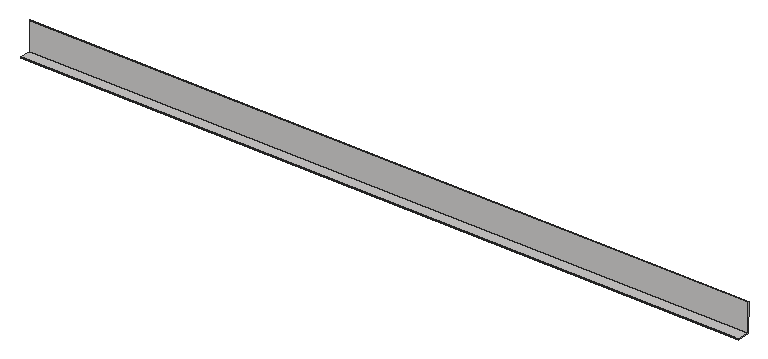
Revit family "Cable_Tray_Support-OBO_Bettermann-Barrier_Strip_TSG", category Specialty Equipment, host Face, Revit 2012
Parameters (values of type "Hot Dipped Galvanised")
  URL = "http://www.obo-bettermann.com/"
  Support Material = Metal - OBO Bettermann - Hot-Dipped-Galvanised
  Product Page URL = "http://catalog2.obo-bettermann.com/catalogue/catalogue.do?favOid=kts_315277&act=showIO&lang=en&action=start&catId=KTS&forward=showSolutionView"
  Product Documentation Link = ""
  Model = "MKS"
  Manufacturer = "OBO Bettermann"
  Height = 60.000 mm
  Description = "Barrier strip"
  Default Elevation = 0.000 mm
  Classification = "Refer to online Catalog for UL and cUL classifed sizes and wire sizes."
  Assembly Code = "D5030600"
Types (2, lengths in mm): name | Support Material
  Strip Galvanised | Metal - OBO Bettermann - Strip-Galvanised
  Hot Dipped Galvanised | Metal - OBO Bettermann - Hot-Dipped-Galvanised
Reference planes
  plane 1 "Center (Front/Back)": y = 0
  plane 2: z = 0
  plane 3 "Center (Left/Right)": x = 72.231
  plane 4 "Front": y = -13
  plane 5: y = 13
  plane 6: z = 1.587
  plane 7: z = 60
  plane 8: x = 834.231
  plane 9: x = -689.769
  plane 10: y = 11.4
  plane 11: z = 6.35
  plane 12: x = -20.65
Forms (mm)
  Extrusion 1, solid, material "Metal - OBO Bettermann - Hot-Dipped-Galvanised" <- "Support Material"
    sketch origin (72.231, 0, 0) x (0, 1, 0) y (0, 0, 1)
      loop
        line (11.4, 1.587) -> (-13, 1.587) -> (-13, 0) -> (13, 0) -> (13, 60) -> (11.4, 60) -> (11.4, 1.587)
    from -762 to 762
Lines and regions (mm)
  Masking region 1
    outline origin (0, 0, 0) x (1, 0, 0) y (0, 1, 0)
      loop
        line (834.231, 13) -> (-689.769, 13) -> (-689.769, -13) -> (834.231, -13) -> (834.231, 13)
  symbolic lines, detail levels fine
    curve 1: line (-689.769, 11.4, 0) -> (834.231, 11.4, 0)
Dimensions and locks
  equal spacing: plane 5, plane 1 "Center (Front/Back)", plane 4 "Front"
  "Height": plane 7 to plane 2
  locked: plane 6 to plane 2 at 1.588
  locked: plane 9 to plane 8 at 1524
  equal spacing: plane 9, plane 3 "Center (Left/Right)", plane 8
  locked: plane 11 to plane 2 at 6.35
  locked: plane 5 to plane 10 at 1.6
  locked: plane 5 to plane 4 "Front" at 26
  aligned and locked: plane 2 to host face
  aligned and locked: level to host face
  aligned and locked: plane 6 to Extrusion 1 sketch curve
  aligned and locked: plane 10 to Extrusion 1 sketch curve
  aligned and locked: plane 5 to Extrusion 1 sketch curve
  aligned and locked: plane 7 to Extrusion 1 sketch curve
  aligned and locked: plane 4 "Front" to Extrusion 1 sketch curve
  aligned and locked: plane 2 to Extrusion 1 sketch curve
  aligned and locked: plane 9 to Extrusion 1
  aligned and locked: Extrusion 1 to plane 8
  aligned and locked: plane 5 to Masking region 1 sketch curve
  aligned and locked: plane 4 "Front" to Masking region 1 sketch curve
  aligned and locked: Extrusion 1 to plane 10
  aligned and locked: plane 9 to curve 1
  aligned and locked: plane 8 to curve 1
  aligned and locked: Masking region 1 to plane 8
  aligned and locked: plane 9 to Masking region 1
Automatic sketch dimensions
  host sketch curve to host sketch curve = 2438.400 mm  (x2)
  plane 9 to Masking region 1 sketch curve = 0.000 mm
  Masking region 1 sketch curve to plane 8 = 0.000 mm
  curve 1 to plane 10 = 0.000 mm
